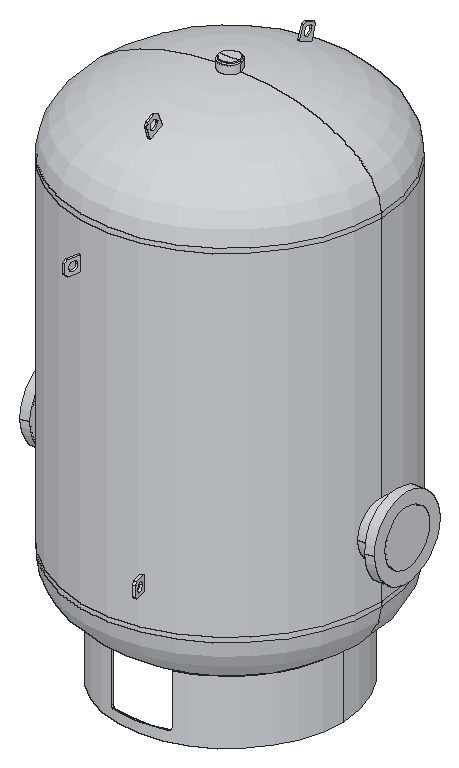
Revit family "CWBT1040-10-125", category Mechanical Equipment, Revit 2014
Parameters (values of type "CWBT1040-10-125")
  Tank Weight = "3171 lbs"
  Tank Volume = "1040 Gal"
  Tank Height = "107 7/8\""
  Tank Diameter = "60\""
  Note = "All dimensions and weights are approximate"
  Maximum Acceptance Volume = "N/A"
  Max Operating Temp = "450°  F"
  Max Operating Pressure = "125 psi"
  Connector Size = "10\""
Types (4): name | Tank Weight | Tank Volume | Tank Height | Tank Diameter | Maximum Acceptance Volume | Max Operating Temp | Max Operating Pressure | Connector Size
  (no name) | "3171 lbs" | "1040 Gal" | "107 7/8\"" | "60\"" | "N/A" | "450°  F" | "125 psi" | "10\""
  CWBT120-3 | "" | "" | "" | "" | "" | "" | "" | ""
  CWBT1040-8-125 | "3136 lbs" | "1040 Gal" | "107 7/8\"" | "60\"" | "N/A" | "450°  F" | "125 psi" | "8\""
  CWBT1040-10-125 | "3171 lbs" | "1040 Gal" | "107 7/8\"" | "60\"" | "N/A" | "450°  F" | "125 psi" | "10\""
Reference planes (in)
  plane 1 "Center (Front/Back)": y = 0
  plane 2: z = 0
  plane 3 "Center (Left/Right)": x = 0
Forms (in)
  Extrusion 1, solid
    sketch origin (0, 0, 0) x (1, 0, 0) y (0, 1, 0)
      loop
        circle (0, 0) r 22.50001
      loop
        circle (0, 0) r 22.24996
    from 0 to 12.75
  Extrusion 2, void
    sketch origin (0, 0, 0) x (1, 0, 0) y (0, 0, 1)
      loop
        line (-6, 12.75) -> (-6, 2.5)
        arc (-6, 2.5) -> (-5.85355, 2.14645) -> (-5.5, 2) r 0.5
        line (-5.5, 2) -> (5.5, 2)
        arc (5.5, 2) -> (5.85355, 2.14645) -> (6, 2.5) r 0.5
        line (6, 2.5) -> (6, 12.75) -> (-6, 12.75)
    from 0 to 23
  Revolve 3, solid
    sketch origin (0, 0, 0) x (1, 0, 0) y (0, 0, 1)
      loop
        line (0, 5.88508) -> (1.88951, 5.88508) -> (1.88951, 6.01008)
        arc (1.88951, 6.01008) -> (2.06629, 6.08331) -> (2.13951, 6.26008) r 0.25
        line (2.13951, 6.26008) -> (2.13951, 7.8167)
        spline (2.13951, 7.8167) -> (5.85211, 8.06929) -> (9.47346, 8.55367) -> (12.94709, 9.2623) -> (16.21884, 10.18413) -> (19.2377, 11.30477) -> (21.95659, 12.60677) -> (24.33313, 14.06981) -> (26.33024, 15.67109) -> (27.9168, 17.38564) -> (29.06807, 19.18671) -> (29.76609, 21.04624) -> (29.99998, 22.93522)
        line (29.99998, 22.93522) -> (29.99998, 23.90272) -> (29.99998, 91.77772) -> (29.99998, 92.74522)
        spline (29.99998, 92.74522) -> (29.76609, 94.6338) -> (29.06807, 96.49293) -> (27.9168, 98.29362) -> (26.33024, 100.0078) -> (24.33313, 101.60874) -> (21.95659, 103.07147) -> (19.2377, 104.37319) -> (16.21884, 105.49359) -> (12.94709, 106.41522) -> (9.47346, 107.1237) -> (5.85211, 107.60798) -> (2.13951, 107.86052)
        line (2.13951, 107.86052) -> (2.13951, 109.42036)
        arc (2.13951, 109.42036) -> (2.06629, 109.59714) -> (1.88951, 109.67036) r 0.25
        line (1.88951, 109.67036) -> (1.88951, 109.79536) -> (0, 109.79536) -> (0, 5.88508)
      axis (0, 109.79536) -> (0, 5.88508)
    angle from 0 to 360
  Extrusion 4, solid
    sketch origin (0, 0, 0) x (0, 1, 0) y (0, 0, 1)
      loop
        line (-18.0162, 107.56565) -> (-18.67387, 107.84481) -> (-20.52618, 107.11843) -> (-20.80534, 106.46076) -> (-19.89642, 104.14296) -> (-19.74143, 103.74772) -> (-16.9485, 104.84297) -> (-17.10349, 105.23821) -> (-18.0162, 107.56565)
      loop
        circle (-19.0524, 106.08516) r 1.00455
      loop
        line (18.66431, 107.84859) -> (18.01628, 107.56565) -> (17.10358, 105.23821) -> (16.87553, 104.65666) -> (19.66845, 103.56142) -> (19.89651, 104.14296) -> (20.80921, 106.4704) -> (20.52626, 107.11843) -> (18.66431, 107.84859)
      loop
        circle (19.04766, 106.08705) r 1
    from -0.1875 to 0.1875
  Extrusion 5, solid
    sketch origin (2.97483, -14.70432, -3.65076) x (-0.217304, 0.976104, 0) y (0, 0, 1)
      loop
        line (-14.96995, 36.86103) -> (-17.46995, 36.86103) -> (-17.96995, 36.36103) -> (-17.96995, 34.36103) -> (-17.46995, 33.86103) -> (-14.96995, 33.86103) -> (-14.96995, 36.86103)
      loop
        circle (-16.39156, 35.36103) r 1
    from -0.2511 to 0.23955
  Extrusion 6, solid
    sketch origin (-3.00759, -14.71206, 48.63129) x (0.215575, 0.976487, 0) y (0, 0, 1)
      loop
        line (-14.96995, 36.86103) -> (-17.46995, 36.86103) -> (-17.96995, 36.36103) -> (-17.96995, 34.36103) -> (-17.46995, 33.86103) -> (-14.96995, 33.86103) -> (-14.96995, 36.86103)
      loop
        circle (-16.39156, 35.36103) r 1
    from -0.2511 to 0.23955
  Extrusion 7, solid
    sketch origin (0, 0, 0) x (0, 1, 0) y (0, 0, 1)
      loop
        circle (0, 36.99984) r 5.44013
    from 0 to 35
  Extrusion 8, solid
    sketch origin (0, 0, 0) x (0, 1, 0) y (0, 0, 1)
      loop
        circle (0, 36.99984) r 5.44013
    from 0 to -35
  Extrusion 9, solid
    sketch origin (0, 0, 0) x (0, 1, 0) y (0, 0, 1)
      loop
        circle (0, 36.99984) r 8.00012
    from -33.0625 to -35
  Extrusion 10, solid
    sketch origin (0, 0, 0) x (0, 1, 0) y (0, 0, 1)
      loop
        circle (0, 36.99984) r 8.00012
    from 33.0625 to 35
Cuts and joins
  Extrusion 2 cuts Extrusion 1
Dimensions and locks (in)
  Extrusion 5 sketch curve to Extrusion 5 sketch curve = 1 1/2"  (x2)
  Extrusion 6 sketch curve to Extrusion 6 sketch curve = 1 1/2"  (x2)
  aligned and locked: level to plane 2
